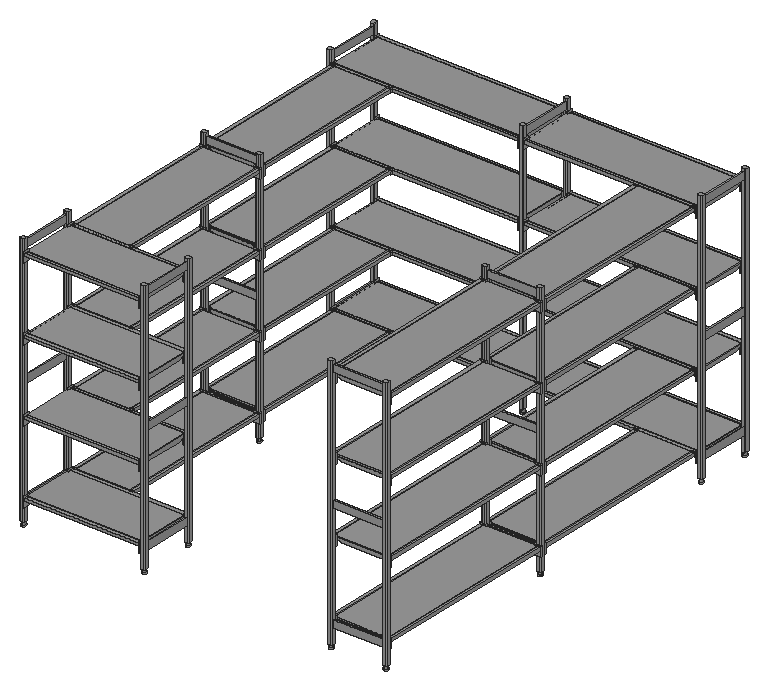
Revit family "QF_ZANUSSI_137104_CRS2428", category Attrezzature speciali, Revit 2020
Family settings
  Quota connettore circolare = Usa diametro
  Tipo di parte = Normale
  Basato su piano di lavoro = No
  Sempre verticale = Sì
  Taglio con vuoti quando caricato = No
  Condiviso = No
  Punto di calcolo locali = No
Parameters (values of type "Standard")
  Weight = 118.00 kg
  Watts = 0 W
  Volts = 0 V
  URL Manufacturer = "http://www.zanussiprofessional.com"
  URL = "http://www.zanussiprofessional.com"
  Steam Supply Size = 0 mm
  Steam Supply Minimum Pressure = 0.0 Pa
  Steam Supply Maximum Pressure = 0.0 Pa
  Steam Consumption per Hour = 0
  Refrigeration Suction Line Size = 0 mm
  Refrigeration Liquid Line Size = 0 mm
  Refrigerant Compressor Remote = yes
  Prospetto di default = 0 mm
  Produttore = "Zanussi"
  Phase = 0
  Modello = "CRS2428"
  Length Actual = 708 mm  # constant formula
  Item Number = "137104"
  Hot Water Size = 0 mm
  Height Actual = 1550 mm  # constant formula
  HP = "0 HP"
  Gas Size = 0 mm
  Gas KW = 0
  Gas Input Pressure = 0 W
  Direct Waste Size = 0 mm
  Descrizione = "ALUM.SHELV.,POLY.TIERS-COLDROOM 243X283"
  Depth Actual = 373 mm  # constant formula
  Cycle = 0 Hz
  Condensate Return Size = 0 mm
  Compressed Air Volume = 0.0 L/s
  Compressed Air Size = 0 mm
  Compressed Air Pressure = 0.0 Pa
  Cold Water Size = 0 mm
  Accessory = yes
Reference planes
  plane 1 "Center (Front/Back)": y = 0
  plane 2: z = 0
  plane 3 "Center (Left/Right)": x = 0
  plane 4: x = -1215
  plane 5: y = 1415
  plane 6: y = -1415
  plane 7: x = 1215
  plane 8: x = -1157
  plane 9: x = 1157
  plane 10: y = 1369
  plane 11: y = -1369
Forms (mm)
  Extrusion 1, solid, material "QF_Clearances", detail levels coarse
    sketch origin (0, 0, 0) x (1, 0, 0) y (0, 1, 0)
      loop
        line (-1215, -1415) -> (-345, -1415) -> (-345, -1369) -> (-1157, -1369) -> (-1157, 1369) -> (1157, 1369) -> (1157, -1380) -> (537, -1380) -> (537, -1415) -> (1215, -1415) -> (1215, 1415) -> (-1215, 1415) -> (-1215, -1415)
    from 0 to 1590
Lines and regions (mm)
  symbolic lines, style "QF_Clearances"
    curve 1: line (-1215, 1415, 0) -> (-1215, -1415, 0)
    curve 2: line (1215, 1415, 0) -> (-1215, 1415, 0)
    curve 3: line (1215, -1415, 0) -> (1215, 1415, 0)
Dimensions and locks
  equal spacing: plane 5, plane 1 "Center (Front/Back)", plane 6
  plane 5 to plane 6 = 2830 mm
  equal spacing: plane 4, plane 3 "Center (Left/Right)", plane 7
  plane 4 to plane 7 = 2430 mm
  plane 4 to plane 8 = 58 mm  (x2)
  plane 8 to plane 9 = 2314 mm
  plane 11 to plane 6 = 46 mm
  plane 10 to plane 11 = 2738 mm
  Extrusion 1 to nested 3 = 775.5 mm
  Extrusion 1 to plane 6 = 35 mm
  aligned and locked: level to plane 2
  aligned and locked: Extrusion 1 sketch curve to plane 4
  aligned and locked: Extrusion 1 sketch curve to plane 5
  aligned and locked: Extrusion 1 sketch curve to plane 7
  aligned and locked: Extrusion 1 sketch curve to plane 8
  aligned and locked: plane 10 to Extrusion 1 sketch curve
  aligned and locked: Extrusion 1 sketch curve to plane 9
  aligned and locked: Extrusion 1 sketch curve to plane 11
  aligned and locked: Extrusion 1 sketch curve to plane 6
Automatic sketch dimensions
  curve 1 to plane 4 = 0 mm
  curve 2 to plane 5 = 0 mm
  curve 2 to plane 7 = 0 mm
  curve 1 to plane 6 = 0 mm
  curve 3 to plane 6 = 0 mm
  Extrusion 1 sketch curve to plane 6 = 0 mm
  Extrusion 1 sketch curve to plane 11 = 11 mm
  Extrusion 1 sketch curve to plane 3 "Center (Left/Right)" = 345 mm
  plane 3 "Center (Left/Right)" to Extrusion 1 sketch curve = 537 mm
Nested families
  nested 1: "QF_1152" at (-518, 1346, 0), type "QF_1152"
  nested 2: "QF_1062" at (625, 1346, 0), type "QF_1062"
  nested 3: "QF_708" at (-736.5, -1019, 0), type "QF_708"
  nested 4: "QF_1152" at (773, -741, 0) x (0, 1, 0) z (0, 0, 1), type "QF_1152"
  nested 5: "QF_1152G" at (967.5, 357.5, 0), type "QF_1152G"
  nested 6: "QF_974G" at (-905.5, 535, 0), type "QF_974G"
  nested 7: "QF_974G" at (-905.5, -535, 0), type "QF_974G"
Definition of nested family "QF_1152"
  Parameters
    Default Elevation = 0 mm
    Model = "137015"
    Manufacturer = "Electrolux Professional"
    Description = ""
  Reference planes
    plane 1: z = 0
    plane 2 "Center (Left/Right)": x = -31
    plane 3 "LEFT": x = -639
    plane 4 "RIGHT": x = 577
    plane 5 "BACK": y = 23
    plane 6 "FRONT": y = -350
    plane 7 "TOP": z = 1700
    plane 8: x = 572
    plane 9: x = -607
    plane 10: x = 545
    plane 11 "Center (Front/Back)": y = -163.5
    plane 12: x = 540
    plane 13: y = -8.5
    plane 14: y = -318.5
    plane 15 "FEET": z = 25
    plane 16: z = 140
    plane 17: z = 590
    plane 18: z = 1040
    plane 19: z = 1490
    plane 20 "CXLeft": x = -625
    plane 21 "CXRight": x = 563
    plane 22: y = 5.5
    plane 23 "CYBack": y = 5.5
    plane 24 "CYFront": y = -332.5
  Forms (mm)
    Extrusion 1, solid
      sketch origin (-639, 0, 0) x (0, 1, 0) y (0, 0, 1)
        loop
          line (4, 1515.994) -> (4, 1497.998) -> (23, 1497.998) -> (23, 1515.994) -> (4, 1515.994)
        loop
          line (-331, 1515.994) -> (-350, 1515.994) -> (-350, 1497.998) -> (-331, 1497.998) -> (-331, 1515.994)
        loop
          line (4, 1065.994) -> (4, 1047.998) -> (23, 1047.998) -> (23, 1065.994) -> (4, 1065.994)
        loop
          line (-331, 1065.994) -> (-350, 1065.994) -> (-350, 1047.998) -> (-331, 1047.998) -> (-331, 1065.994)
        loop
          line (4, 615.994) -> (4, 597.998) -> (23, 597.998) -> (23, 615.994) -> (4, 615.994)
        loop
          line (-331, 615.994) -> (-350, 615.994) -> (-350, 597.998) -> (-331, 597.998) -> (-331, 615.994)
        loop
          line (4, 165.994) -> (4, 147.998) -> (23, 147.998) -> (23, 165.994) -> (4, 165.994)
        loop
          line (-331, 165.994) -> (-350, 165.994) -> (-350, 147.998) -> (-331, 147.998) -> (-331, 165.994)
      from 32 to 1184
    Extrusion 2, solid
      sketch origin (-639, 0, 135) x (0, 1, 0) y (0, 0, 1)
        loop
          line (2.007, 1380.994) -> (-329, 1380.994) -> (-329, 1374.496) -> (2.007, 1374.496) -> (2.007, 1380.994)
        loop
          line (2.007, 930.994) -> (-329, 930.994) -> (-329, 924.496) -> (2.007, 924.496) -> (2.007, 930.994)
        loop
          line (2.007, 480.994) -> (-329, 480.994) -> (-329, 474.496) -> (2.007, 474.496) -> (2.007, 480.994)
        loop
          line (2.007, 30.994) -> (-329, 30.994) -> (-329, 24.496) -> (2.007, 24.496) -> (2.007, 30.994)
      from 32 to 1184
    Extrusion 3, solid
      sketch origin (577, 0, 135) x (0, 1, 0) y (0, 0, 1)
        loop
          line (-12, 1362.998) -> (4, 1362.998) -> (4, 1380.994) -> (2.007, 1380.994) -> (2.007, 1374.496) -> (-329, 1374.496) -> (-329, 1380.994) -> (-331, 1380.994) -> (-331, 1362.998) -> (-315, 1362.998) -> (-281, 1350.994) -> (-46, 1350.994) -> (-12, 1362.998)
        loop
          line (-12, 912.998) -> (4, 912.998) -> (4, 930.994) -> (2.007, 930.994) -> (2.007, 924.496) -> (-329, 924.496) -> (-329, 930.994) -> (-331, 930.994) -> (-331, 912.998) -> (-315, 912.998) -> (-281, 900.994) -> (-46, 900.994) -> (-12, 912.998)
        loop
          line (-12, 462.998) -> (4, 462.998) -> (4, 480.994) -> (2.007, 480.994) -> (2.007, 474.496) -> (-329, 474.496) -> (-329, 480.994) -> (-331, 480.994) -> (-331, 462.998) -> (-315, 462.998) -> (-281, 450.994) -> (-46, 450.994) -> (-12, 462.998)
        loop
          line (-12, 12.998) -> (4, 12.998) -> (4, 30.994) -> (2.007, 30.994) -> (2.007, 24.496) -> (-329, 24.496) -> (-329, 30.994) -> (-331, 30.994) -> (-331, 12.998) -> (-315, 12.998) -> (-281, 0.994) -> (-46, 0.994) -> (-12, 12.998)
      from -32 to -37
  Lines and regions (mm)
    symbolic lines
      curve 1: line (545, 4, 1700) -> (-607, 4, 1700)
      curve 2: line (-611, 23, 1700) -> (549, 23, 1700)
      curve 3: line (549, 13.246, 1700) -> (555.254, 19.5, 1700)
      curve 4: line (555.254, -8.5, 1700) -> (549, -2.246, 1700)
      curve 5: line (555.254, -318.5, 1700) -> (549, -324.754, 1700)
      curve 6: line (-611, -350, 1700) -> (549, -350, 1700)
      curve 7: line (549, 23, 1700) -> (549, -12.993, 1700)
      curve 8: line (549, -12.993, 1700) -> (545, -12.993, 1700)
      curve 9: line (549, -350, 1700) -> (549, -314.007, 1700)
      curve 10: line (549, -314.007, 1700) -> (545, -314.007, 1700)
      curve 11: line (-607, -12.993, 1700) -> (-607, -314.007, 1700)
      curve 12: line (-607, -331, 1700) -> (545, -331, 1700)
      curve 13: line (545, -12.993, 1700) -> (545, -314.007, 1700)
  Dimensions and locks
    locked: plane 3 "LEFT" to plane 4 "RIGHT" at 1216
    equal spacing: plane 3 "LEFT", plane 2 "Center (Left/Right)", plane 4 "RIGHT"
    locked: plane 7 "TOP" to level at 1700
    locked: plane 5 "BACK" to plane 6 "FRONT" at 373
    locked: plane 4 "RIGHT" to plane 8 at 5
    locked: plane 9 to plane 10 at 1152
    locked: plane 3 "LEFT" to plane 9 at 32
    plane 12 to plane 10 = 5 mm
    locked: plane 13 to plane 14 at 310
    equal spacing: plane 13, plane 11 "Center (Front/Back)", plane 14
    equal spacing: plane 5 "BACK", plane 11 "Center (Front/Back)", plane 6 "FRONT"
    plane 15 "FEET" to level = 25 mm
    plane 7 "TOP" to plane 15 "FEET" = 1675 mm
    plane 17 to plane 16 = 450 mm
    plane 18 to plane 17 = 450 mm
    plane 19 to plane 18 = 450 mm
    locked: plane 3 "LEFT" to plane 20 "CXLeft" at 14
    locked: plane 21 "CXRight" to plane 4 "RIGHT" at 14
    locked: plane 5 "BACK" to plane 23 "CYBack" at 17.5
    locked: plane 24 "CYFront" to plane 6 "FRONT" at 17.5
    plane 16 to level = 140 mm
    plane 17 to level = 590 mm
    plane 18 to level = 1040 mm
    plane 19 to level = 1490 mm
    aligned and locked: level to plane 1
    aligned and locked: plane 9 to Extrusion 2
    aligned and locked: Extrusion 2 to plane 10
    aligned and locked: plane 9 to Extrusion 1
    aligned and locked: Extrusion 1 to plane 10
    aligned and locked: Extrusion 1 sketch curve to Extrusion 1 sketch curve  (x2)
    aligned and locked: Extrusion 3 sketch curve to Extrusion 3 sketch curve  (x3)
    aligned and locked: Extrusion 3 to plane 12
    aligned and locked: Extrusion 3 to plane 10
    aligned and locked: plane 20 "CXLeft" to nested 1
    aligned and locked: plane 21 "CXRight" to nested 2
  Automatic sketch dimensions
    Extrusion 1 sketch curve to plane 6 "FRONT" = 0 mm  (x4)
    Extrusion 1 sketch curve to plane 5 "BACK" = 0 mm  (x4)
    plane 24 "CYFront" to Extrusion 1 sketch curve = 1.5 mm  (x2)
    plane 22 to Extrusion 1 sketch curve = 1.5 mm  (x4)
    plane 16 to Extrusion 1 sketch curve = 7.998 mm  (x2)
    Extrusion 1 sketch curve to Extrusion 1 sketch curve = 17.997 mm  (x8)
    plane 17 to Extrusion 1 sketch curve = 7.998 mm  (x2)
    plane 18 to Extrusion 1 sketch curve = 7.998 mm  (x2)
    plane 19 to Extrusion 1 sketch curve = 7.998 mm  (x2)
    plane 24 "CYFront" to Extrusion 2 sketch curve = 3.5 mm  (x4)
    plane 22 to Extrusion 2 sketch curve = 3.493 mm  (x4)
    plane 16 to Extrusion 2 sketch curve = 19.496 mm
    Extrusion 2 sketch curve to Extrusion 2 sketch curve = 6.499 mm  (x4)
    plane 17 to Extrusion 2 sketch curve = 19.496 mm
    plane 18 to Extrusion 2 sketch curve = 19.496 mm
    plane 19 to Extrusion 2 sketch curve = 19.496 mm
    plane 24 "CYFront" to Extrusion 3 sketch curve = 1.5 mm  (x4)
    Extrusion 3 sketch curve to Extrusion 3 sketch curve = 2 mm
    plane 14 to Extrusion 3 sketch curve = 3.5 mm  (x4)
    Extrusion 3 sketch curve to plane 16 = 4.006 mm
    Extrusion 3 sketch curve to Extrusion 3 sketch curve = 34 mm  (x4)
    Extrusion 3 sketch curve to plane 17 = 4.006 mm
    Extrusion 3 sketch curve to plane 18 = 4.006 mm
    Extrusion 3 sketch curve to plane 19 = 4.006 mm
    Extrusion 3 sketch curve to plane 13 = 37.5 mm  (x4)
    Extrusion 3 sketch curve to plane 13 = 3.5 mm  (x4)
    plane 22 to Extrusion 3 sketch curve = 3.493 mm  (x4)
    plane 22 to Extrusion 3 sketch curve = 1.5 mm  (x4)
    plane 16 to Extrusion 3 sketch curve = 7.998 mm  (x2)
    Extrusion 3 sketch curve to Extrusion 3 sketch curve = 11.498 mm  (x4)
    Extrusion 3 sketch curve to Extrusion 3 sketch curve = 6.499 mm  (x8)
    plane 17 to Extrusion 3 sketch curve = 7.998 mm  (x2)
    plane 18 to Extrusion 3 sketch curve = 7.998 mm  (x2)
    plane 19 to Extrusion 3 sketch curve = 7.998 mm  (x2)
    curve 6 to plane 6 "FRONT" = 0 mm
    curve 12 to plane 9 = 0 mm
    curve 12 to plane 10 = 0 mm
    curve 5 to plane 14 = 0 mm
    curve 11 to plane 9 = 0 mm
    curve 8 to plane 10 = 0 mm
    curve 4 to plane 13 = 0 mm
    curve 1 to plane 9 = 0 mm
    curve 1 to plane 10 = 0 mm
    curve 2 to plane 5 "BACK" = 0 mm
    plane 14 to curve 10 = 4.493 mm
    curve 7 to plane 13 = 4.493 mm
    curve 10 to plane 10 = 4 mm
    curve 7 to plane 10 = 4 mm
    plane 24 "CYFront" to curve 12 = 1.5 mm
    curve 5 to plane 14 = 6.254 mm
    plane 14 to curve 11 = 4.493 mm
    curve 11 to plane 13 = 4.493 mm
    plane 13 to curve 4 = 6.254 mm
    plane 22 to curve 1 = 1.5 mm
    curve 3 to plane 22 = 7.746 mm
    curve 3 to plane 5 "BACK" = 3.5 mm
    curve 5 to curve 9 = 6.254 mm
    curve 3 to curve 2 = 6.254 mm
    curve 4 to curve 7 = 6.254 mm
    plane 9 to curve 2 = 4 mm
    plane 9 to curve 6 = 4 mm
  Nested families
    nested 1: "WT_Anta373B" at (-222, 0, 0), type "WT_Anta373B"
    nested 2: "WT_Anta373B" at (160, 0, 0) x (-1, 0, 0) z (0, 0, 1), type "WT_Anta373B"
  Definition of nested family "WT_Anta373B"
    Parameters
      WidthLeft = A + 64 mm  # 772 mm
      Width = 1606 mm
      Right = WidthLeft / 2  # 386 mm
      Default Elevation = 0 mm
      Left = -WidthLeft / 2  # -386 mm
      Height = 1590 mm
      FEET = 25 mm
      E = 0 mm
      Dint = Depth - 63 mm  # 310 mm
      Dext = Depth - 8 mm  # 365 mm
      Depth = 373 mm
      DX = (WidthLeft - A) / 2  # 32 mm
      B = 798 mm
      A = 708 mm
    Reference planes
      plane 1: z = 0
      plane 2 "LEFT": x = -417
      plane 3 "BACK": y = 23
      plane 4 "FRONT": y = -350
      plane 5 "TOP": z = 1590
      plane 6 "Center (Front/Back)": y = -163.5
      plane 7: y = -8.5
      plane 8: y = -318.5
      plane 9 "FEET": z = 25
      plane 10: z = 140
      plane 11: z = 590
      plane 12: z = 1040
      plane 13: z = 1490
      plane 14 "CXLeft": x = -403
      plane 15: y = 5.5
      plane 16 "CYBack": y = 5.5
      plane 17 "CYFront": y = -332.5
      plane 18: x = -385.031
      plane 19: x = -380.031
    Forms (mm)
      Extrusion 1, solid
        sketch origin (0, 0, 0) x (1, 0, 0) y (0, 1, 0)
          loop
            line (-417, 13.246) -> (-417, -2.246) -> (-410.746, -8.5) -> (-395.254, -8.5) -> (-389, -2.246) -> (-389, 13.246) -> (-395.254, 19.5) -> (-410.746, 19.5) -> (-417, 13.246)
        from 1590 to 25
      Extrusion 2, solid
        sketch origin (-417, 0, 0) x (0, 1, 0) y (0, 0, 1)
          loop
            line (23, 111.005) -> (23, 172.993) -> (-12.993, 172.993) -> (-12.993, 111.005) -> (23, 111.005)
          loop
            line (-350, 111.005) -> (-314.007, 111.005) -> (-314.007, 172.993) -> (-350, 172.993) -> (-350, 111.005)
          loop
            line (23, 561.005) -> (23, 622.993) -> (-12.993, 622.993) -> (-12.993, 561.005) -> (23, 561.005)
          loop
            line (-350, 561.005) -> (-314.007, 561.005) -> (-314.007, 622.993) -> (-350, 622.993) -> (-350, 561.005)
          loop
            line (23, 1011.005) -> (23, 1072.993) -> (-12.993, 1072.993) -> (-12.993, 1011.005) -> (23, 1011.005)
          loop
            line (-350, 1011.005) -> (-314.007, 1011.005) -> (-314.007, 1072.993) -> (-350, 1072.993) -> (-350, 1011.005)
          loop
            line (23, 1461.005) -> (23, 1522.993) -> (-12.993, 1522.993) -> (-12.993, 1461.005) -> (23, 1461.005)
          loop
            line (-350, 1461.005) -> (-314.007, 1461.005) -> (-314.007, 1522.993) -> (-350, 1522.993) -> (-350, 1461.005)
        from 28 to 32
      Revolve 3, solid
        sketch origin (-403, 0, 0) x (0, 1, 0) y (0, 0, 1)
          loop
            line (5.5, 25) -> (5.5, 0) -> (19, 0) -> (19, 5) -> (14, 5) -> (14, 25) -> (5.5, 25)
          axis (5.5, 25) -> (5.5, 0)
        angle from 0 to 360
      Extrusion 4, solid
        sketch origin (-403, 0, 0) x (0, 1, 0) y (0, 0, 1)
          loop
            line (-8.5, 777.382) -> (-8.5, 822.374) -> (-318.5, 822.374) -> (-318.5, 777.382) -> (-8.5, 777.382)
          loop
            line (-8.5, 1527.244) -> (-8.5, 1572.236) -> (-318.5, 1572.236) -> (-318.5, 1527.244) -> (-8.5, 1527.244)
        from -5 to 5
      Revolve 5, solid
        sketch origin (-403, -627, 0) x (0, -1, 0) y (0, 0, 1)
          loop
            line (-294.5, 25) -> (-294.5, 0) -> (-281, 0) -> (-281, 5) -> (-286, 5) -> (-286, 25) -> (-294.5, 25)
          axis (-294.5, 25) -> (-294.5, 0)
        angle from 0 to 360
      Extrusion 6, solid
        sketch origin (0, -627, 0) x (1, 0, 0) y (0, 1, 0)
          loop
            line (-417, 286.754) -> (-410.746, 280.5) -> (-395.254, 280.5) -> (-389, 286.754) -> (-389, 302.246) -> (-395.254, 308.5) -> (-410.746, 308.5) -> (-417, 302.246) -> (-417, 286.754)
        from 1590 to 25
      Extrusion 7, solid
        sketch origin (-417.031, -0.022, 0) x (0, 1, 0) y (0, 0, -1)
          loop
            line (-12, -1497.998) -> (-46, -1485.994) -> (-281, -1485.994) -> (-315, -1497.998) -> (-331, -1497.998) -> (-331, -1515.994) -> (-329, -1515.994) -> (-329, -1509.496) -> (2.007, -1509.496) -> (2.007, -1515.994) -> (4, -1515.994) -> (4, -1497.998) -> (-12, -1497.998)
          loop
            line (-12, -1047.998) -> (-46, -1035.994) -> (-281, -1035.994) -> (-315, -1047.998) -> (-331, -1047.998) -> (-331, -1065.994) -> (-329, -1065.994) -> (-329, -1059.496) -> (2.007, -1059.496) -> (2.007, -1065.994) -> (4, -1065.994) -> (4, -1047.998) -> (-12, -1047.998)
          loop
            line (-12, -597.998) -> (-46, -585.994) -> (-281, -585.994) -> (-315, -597.998) -> (-331, -597.998) -> (-331, -615.994) -> (-329, -615.994) -> (-329, -609.496) -> (2.007, -609.496) -> (2.007, -615.994) -> (4, -615.994) -> (4, -597.998) -> (-12, -597.998)
          loop
            line (-12, -147.998) -> (-46, -135.994) -> (-281, -135.994) -> (-315, -147.998) -> (-331, -147.998) -> (-331, -165.994) -> (-329, -165.994) -> (-329, -159.496) -> (2.007, -159.496) -> (2.007, -165.994) -> (4, -165.994) -> (4, -147.998) -> (-12, -147.998)
        from -32 to -37
      Extrusion 8, solid
        sketch origin (-403, 0, -659.878) x (0, 1, 0) y (0, 0, 1)
          loop
            line (-8.5, 777.382) -> (-8.5, 822.374) -> (-318.5, 822.374) -> (-318.5, 777.382) -> (-8.5, 777.382)
          loop
            line (-8.5, 1437.382) -> (-8.5, 1482.374) -> (-318.5, 1482.374) -> (-318.5, 1437.382) -> (-8.5, 1437.382)
          loop
            line (-8.5, 2187.382) -> (-8.5, 2232.374) -> (-318.5, 2232.374) -> (-318.5, 2187.382) -> (-8.5, 2187.382)
        from -5 to 5
    Lines and regions (mm)
      symbolic lines
        curve 1: line (-408, -8.5, 1590) -> (-408, -318.5, 1590)
        curve 2: line (-398, -318.5, 1590) -> (-398, -8.5, 1590)
        curve 3: line (-395.254, -8.5, 1590) -> (-410.746, -8.5, 1590)
        curve 4: line (-417, -2.246, 1590) -> (-410.746, -8.5, 1590)
        curve 5: line (-417, 13.246, 1590) -> (-417, -2.246, 1590)
        curve 6: line (-410.746, 19.5, 1590) -> (-417, 13.246, 1590)
        curve 7: line (-395.254, 19.5, 1590) -> (-410.746, 19.5, 1590)
        curve 8: line (-389, 13.246, 1590) -> (-395.254, 19.5, 1590)
        curve 9: line (-395.254, -8.5, 1590) -> (-389, -2.246, 1590)
        curve 10: line (-395.254, -318.5, 1590) -> (-410.746, -318.5, 1590)
        curve 11: line (-417, -324.754, 1590) -> (-410.746, -318.5, 1590)
        curve 12: line (-410.746, -346.5, 1590) -> (-417, -340.246, 1590)
        curve 13: line (-395.254, -346.5, 1590) -> (-410.746, -346.5, 1590)
        curve 14: line (-389, -340.246, 1590) -> (-395.254, -346.5, 1590)
        curve 15: line (-395.254, -318.5, 1590) -> (-389, -324.754, 1590)
        curve 16: line (-389, -350, 1590) -> (-389, -314.007, 1590)
        curve 17: line (-389, -314.007, 1590) -> (-385, -314.007, 1590)
        curve 18: line (-389, 23, 1590) -> (-389, -12.993, 1590)
        curve 19: line (-389, -12.993, 1590) -> (-385, -12.993, 1590)
        curve 20: line (-417, -324.754, 1590) -> (-417, -340.246, 1590)
        curve 21: line (-385, -350, 1590) -> (-385, -314.007, 1590)
        curve 22: line (-385, -350, 1590) -> (-389, -350, 1590)
        curve 23: line (-385, 23, 1590) -> (-389, 23, 1590)
        curve 24: line (-385, -12.993, 1590) -> (-385, 23, 1590)
        curve 25: line (-385.031, -13.016, 1725) -> (-385.031, -314.029, 1725)
    Dimensions and locks
      "Depth": plane 3 "BACK" to plane 4 "FRONT"
      "Dint": plane 7 to plane 8
      equal spacing: plane 7, plane 6 "Center (Front/Back)", plane 8
      equal spacing: plane 3 "BACK", plane 6 "Center (Front/Back)", plane 4 "FRONT"
      plane 9 "FEET" to level = 25 mm
      plane 10 to plane 9 "FEET" = 115 mm
      plane 11 to plane 10 = 450 mm
      plane 12 to plane 11 = 450 mm
      plane 13 to plane 12 = 450 mm
      locked: plane 2 "LEFT" to plane 14 "CXLeft" at 14
      locked: plane 3 "BACK" to plane 16 "CYBack" at 17.5
      locked: plane 17 "CYFront" to plane 4 "FRONT" at 17.5
      locked: Revolve 3 sketch curve to Revolve 3 sketch curve at 8.5
      locked: Revolve 3 sketch curve to plane 16 "CYBack" at 13.5
      locked: Revolve 5 sketch curve to Revolve 5 sketch curve at 8.5
      plane 10 to level = 140 mm
      plane 11 to level = 590 mm
      plane 12 to level = 1040 mm
      plane 13 to level = 1490 mm
      "Height": plane 5 "TOP" to level
      aligned and locked: level to plane 1
      aligned and locked: curve 20 to Extrusion 6
      aligned and locked: plane 5 "TOP" to Extrusion 1
      aligned and locked: plane 5 "TOP" to Extrusion 6
      aligned and locked: Extrusion 7 sketch curve to Extrusion 7 sketch curve  (x3)
    Automatic sketch dimensions
      curve 16 to plane 4 "FRONT" = 0 mm
      curve 11 to plane 8 = 0 mm
      curve 9 to plane 7 = 0 mm
      curve 5 to plane 2 "LEFT" = 0 mm
      curve 23 to plane 3 "BACK" = 0 mm
      plane 4 "FRONT" to curve 13 = 3.5 mm
      curve 20 to plane 17 "CYFront" = 7.746 mm
      curve 20 to plane 8 = 6.254 mm
      plane 8 to curve 16 = 4.493 mm
      curve 24 to plane 18 = 0.031 mm
      curve 24 to plane 7 = 4.493 mm
      plane 7 to curve 5 = 6.254 mm
      curve 5 to plane 15 = 7.746 mm
      curve 6 to plane 3 "BACK" = 3.5 mm
      curve 21 to plane 18 = 0.031 mm
      plane 18 to curve 23 = 3.969 mm
      plane 18 to curve 16 = 3.969 mm
      curve 18 to curve 8 = 6.254 mm
      curve 18 to curve 3 = 6.254 mm
      curve 16 to curve 13 = 6.254 mm
      curve 16 to curve 15 = 6.254 mm
      plane 2 "LEFT" to curve 10 = 6.254 mm
      plane 2 "LEFT" to curve 7 = 6.254 mm
      plane 2 "LEFT" to curve 12 = 6.254 mm
      plane 2 "LEFT" to curve 3 = 6.254 mm
      curve 14 to plane 17 "CYFront" = 7.746 mm
      curve 15 to plane 8 = 6.254 mm
      plane 7 to curve 9 = 6.254 mm
      curve 8 to plane 15 = 7.746 mm
      curve 3 to curve 2 = 2.746 mm
      curve 1 to curve 10 = 2.746 mm
      Extrusion 1 sketch curve to plane 2 "LEFT" = 0 mm
      Extrusion 1 sketch curve to plane 7 = 0 mm
      plane 2 "LEFT" to Extrusion 1 sketch curve = 6.254 mm  (x2)
      plane 14 "CXLeft" to Extrusion 1 sketch curve = 7.746 mm  (x2)
      Extrusion 1 sketch curve to plane 3 "BACK" = 3.5 mm
      plane 18 to Extrusion 1 sketch curve = 3.969 mm
      plane 7 to Extrusion 1 sketch curve = 6.254 mm  (x2)
      Extrusion 1 sketch curve to plane 15 = 7.746 mm  (x2)
      Extrusion 2 sketch curve to plane 4 "FRONT" = 0 mm  (x4)
      Extrusion 2 sketch curve to plane 3 "BACK" = 0 mm  (x4)
      plane 8 to Extrusion 2 sketch curve = 4.493 mm  (x4)
      Extrusion 2 sketch curve to plane 7 = 4.493 mm  (x4)
      Extrusion 2 sketch curve to plane 10 = 28.995 mm  (x2)
      plane 10 to Extrusion 2 sketch curve = 32.993 mm  (x2)
      Extrusion 2 sketch curve to plane 11 = 28.995 mm  (x2)
      plane 11 to Extrusion 2 sketch curve = 32.993 mm  (x2)
      Extrusion 2 sketch curve to plane 12 = 28.995 mm  (x2)
      plane 12 to Extrusion 2 sketch curve = 32.993 mm  (x2)
      Extrusion 2 sketch curve to plane 13 = 28.995 mm  (x2)
      plane 13 to Extrusion 2 sketch curve = 32.993 mm  (x2)
      Revolve 3 sketch curve to plane 9 "FEET" = 0 mm  (x2)
      Revolve 3 sketch curve to plane 15 = 0 mm  (x2)
      Revolve 3 sketch curve to level = 0 mm
      level to Revolve 3 sketch curve = 5 mm
      Revolve 3 sketch curve to Revolve 3 sketch curve = 11.655 mm
      Extrusion 4 sketch curve to plane 8 = 0 mm  (x2)
      Extrusion 4 sketch curve to plane 7 = 0 mm  (x2)
      plane 11 to Extrusion 4 sketch curve = 187.382 mm
      Extrusion 4 sketch curve to Extrusion 4 sketch curve = 44.992 mm
      plane 13 to Extrusion 4 sketch curve = 37.244 mm
      Extrusion 4 sketch curve to plane 5 "TOP" = 17.764 mm
      Revolve 5 sketch curve to plane 9 "FEET" = 0 mm  (x2)
      Revolve 5 sketch curve to plane 17 "CYFront" = 0 mm  (x2)
      Revolve 5 sketch curve to level = 0 mm
      Revolve 5 sketch curve to plane 4 "FRONT" = 4 mm
      Revolve 5 sketch curve to Revolve 5 sketch curve = 5 mm
      level to Revolve 5 sketch curve = 11.655 mm
      Extrusion 6 sketch curve to plane 2 "LEFT" = 0 mm
      Extrusion 6 sketch curve to plane 8 = 0 mm
      Extrusion 6 sketch curve to plane 2 "LEFT" = 6.254 mm  (x2)
      Extrusion 6 sketch curve to plane 14 "CXLeft" = 7.746 mm  (x2)
      Extrusion 6 sketch curve to plane 4 "FRONT" = 3.5 mm
      Extrusion 6 sketch curve to plane 18 = 3.969 mm
      plane 8 to Extrusion 6 sketch curve = 6.254 mm  (x2)
      plane 17 "CYFront" to Extrusion 6 sketch curve = 7.746 mm  (x2)
      plane 17 "CYFront" to Extrusion 7 sketch curve = 1.478 mm  (x4)
      Extrusion 7 sketch curve to Extrusion 7 sketch curve = 2 mm
      plane 8 to Extrusion 7 sketch curve = 3.478 mm  (x4)
      Extrusion 7 sketch curve to plane 10 = 4.006 mm
      Extrusion 7 sketch curve to Extrusion 7 sketch curve = 34 mm  (x4)
      Extrusion 7 sketch curve to plane 11 = 4.006 mm
      Extrusion 7 sketch curve to plane 12 = 4.006 mm
      Extrusion 7 sketch curve to plane 13 = 4.006 mm
      Extrusion 7 sketch curve to plane 7 = 37.522 mm  (x4)
      Extrusion 7 sketch curve to plane 7 = 3.522 mm  (x4)
      plane 15 to Extrusion 7 sketch curve = 3.516 mm  (x4)
      plane 15 to Extrusion 7 sketch curve = 1.522 mm  (x4)
      plane 13 to Extrusion 7 sketch curve = 7.998 mm  (x2)
      Extrusion 7 sketch curve to Extrusion 7 sketch curve = 11.498 mm
      Extrusion 7 sketch curve to Extrusion 7 sketch curve = 6.499 mm  (x5)
      plane 12 to Extrusion 7 sketch curve = 25.994 mm  (x2)
      plane 12 to Extrusion 7 sketch curve = 7.998 mm  (x2)
      plane 11 to Extrusion 7 sketch curve = 25.994 mm  (x2)
      plane 11 to Extrusion 7 sketch curve = 7.998 mm  (x2)
      plane 10 to Extrusion 7 sketch curve = 25.994 mm  (x2)
      plane 10 to Extrusion 7 sketch curve = 7.998 mm  (x2)
      curve 25 to plane 18 = 0 mm
      plane 8 to curve 25 = 4.471 mm
      curve 25 to plane 7 = 4.516 mm
      Extrusion 8 sketch curve to plane 8 = 0 mm  (x3)
      Extrusion 8 sketch curve to plane 7 = 0 mm  (x3)
      Extrusion 8 sketch curve to plane 10 = 22.496 mm
      plane 10 to Extrusion 8 sketch curve = 22.496 mm
      plane 11 to Extrusion 8 sketch curve = 187.504 mm
      Extrusion 8 sketch curve to Extrusion 8 sketch curve = 44.992 mm
      plane 13 to Extrusion 8 sketch curve = 37.504 mm
      Extrusion 8 sketch curve to plane 5 "TOP" = 17.504 mm
Definition of nested family "QF_1062"
  Parameters
    Default Elevation = 0 mm
    Model = "137014"
    Manufacturer = "Electrolux Professional"
    Description = ""
  Reference planes
    plane 1: z = 0
    plane 2 "Center (Left/Right)": x = -31
    plane 3 "LEFT": x = -594
    plane 4 "RIGHT": x = 532
    plane 5 "BACK": y = 23
    plane 6 "FRONT": y = -350
    plane 7 "TOP": z = 1700
    plane 8: x = 527
    plane 9: x = -562
    plane 10: x = 500
    plane 11 "Center (Front/Back)": y = -163.5
    plane 12: x = 495
    plane 13: y = -8.5
    plane 14: y = -318.5
    plane 15 "FEET": z = 25
    plane 16: z = 140
    plane 17: z = 590
    plane 18: z = 1040
    plane 19: z = 1490
    plane 20 "CXLeft": x = -580
    plane 21 "CXRight": x = 518
    plane 22: y = 5.5
    plane 23 "CYBack": y = 5.5
    plane 24 "CYFront": y = -332.5
  Forms (mm)
    Extrusion 1, solid
      sketch origin (-594, 0, 0) x (0, 1, 0) y (0, 0, 1)
        loop
          line (4, 1515.994) -> (4, 1497.998) -> (23, 1497.998) -> (23, 1515.994) -> (4, 1515.994)
        loop
          line (-331, 1515.994) -> (-350, 1515.994) -> (-350, 1497.998) -> (-331, 1497.998) -> (-331, 1515.994)
        loop
          line (4, 1065.994) -> (4, 1047.998) -> (23, 1047.998) -> (23, 1065.994) -> (4, 1065.994)
        loop
          line (-331, 1065.994) -> (-350, 1065.994) -> (-350, 1047.998) -> (-331, 1047.998) -> (-331, 1065.994)
        loop
          line (4, 615.994) -> (4, 597.998) -> (23, 597.998) -> (23, 615.994) -> (4, 615.994)
        loop
          line (-331, 615.994) -> (-350, 615.994) -> (-350, 597.998) -> (-331, 597.998) -> (-331, 615.994)
        loop
          line (4, 165.994) -> (4, 147.998) -> (23, 147.998) -> (23, 165.994) -> (4, 165.994)
        loop
          line (-331, 165.994) -> (-350, 165.994) -> (-350, 147.998) -> (-331, 147.998) -> (-331, 165.994)
      from 32 to 1094
    Extrusion 2, solid
      sketch origin (-594, 0, 135) x (0, 1, 0) y (0, 0, 1)
        loop
          line (2.007, 1380.994) -> (-329, 1380.994) -> (-329, 1374.496) -> (2.007, 1374.496) -> (2.007, 1380.994)
        loop
          line (2.007, 930.994) -> (-329, 930.994) -> (-329, 924.496) -> (2.007, 924.496) -> (2.007, 930.994)
        loop
          line (2.007, 480.994) -> (-329, 480.994) -> (-329, 474.496) -> (2.007, 474.496) -> (2.007, 480.994)
        loop
          line (2.007, 30.994) -> (-329, 30.994) -> (-329, 24.496) -> (2.007, 24.496) -> (2.007, 30.994)
      from 32 to 1094
    Extrusion 3, solid
      sketch origin (532, 0, 135) x (0, 1, 0) y (0, 0, 1)
        loop
          line (-12, 1362.998) -> (4, 1362.998) -> (4, 1380.994) -> (2.007, 1380.994) -> (2.007, 1374.496) -> (-329, 1374.496) -> (-329, 1380.994) -> (-331, 1380.994) -> (-331, 1362.998) -> (-315, 1362.998) -> (-281, 1350.994) -> (-46, 1350.994) -> (-12, 1362.998)
        loop
          line (-12, 912.998) -> (4, 912.998) -> (4, 930.994) -> (2.007, 930.994) -> (2.007, 924.496) -> (-329, 924.496) -> (-329, 930.994) -> (-331, 930.994) -> (-331, 912.998) -> (-315, 912.998) -> (-281, 900.994) -> (-46, 900.994) -> (-12, 912.998)
        loop
          line (-12, 462.998) -> (4, 462.998) -> (4, 480.994) -> (2.007, 480.994) -> (2.007, 474.496) -> (-329, 474.496) -> (-329, 480.994) -> (-331, 480.994) -> (-331, 462.998) -> (-315, 462.998) -> (-281, 450.994) -> (-46, 450.994) -> (-12, 462.998)
        loop
          line (-12, 12.998) -> (4, 12.998) -> (4, 30.994) -> (2.007, 30.994) -> (2.007, 24.496) -> (-329, 24.496) -> (-329, 30.994) -> (-331, 30.994) -> (-331, 12.998) -> (-315, 12.998) -> (-281, 0.994) -> (-46, 0.994) -> (-12, 12.998)
      from -32 to -37
  Lines and regions (mm)
    symbolic lines
      curve 1: line (500, 4, 1700) -> (-562, 4, 1700)
      curve 2: line (-566, 23, 1700) -> (504, 23, 1700)
      curve 3: line (504, 13.246, 1700) -> (510.254, 19.5, 1700)
      curve 4: line (510.254, -8.5, 1700) -> (504, -2.246, 1700)
      curve 5: line (510.254, -318.5, 1700) -> (504, -324.754, 1700)
      curve 6: line (-566, -350, 1700) -> (504, -350, 1700)
      curve 7: line (504, 23, 1700) -> (504, -12.993, 1700)
      curve 8: line (504, -12.993, 1700) -> (500, -12.993, 1700)
      curve 9: line (504, -350, 1700) -> (504, -314.007, 1700)
      curve 10: line (504, -314.007, 1700) -> (500, -314.007, 1700)
      curve 11: line (-562, -12.993, 1700) -> (-562, -314.007, 1700)
      curve 12: line (-562, -331, 1700) -> (500, -331, 1700)
      curve 13: line (500, -12.993, 1700) -> (500, -314.007, 1700)
  Dimensions and locks
    locked: plane 3 "LEFT" to plane 4 "RIGHT" at 1126
    equal spacing: plane 3 "LEFT", plane 2 "Center (Left/Right)", plane 4 "RIGHT"
    locked: plane 7 "TOP" to level at 1700
    locked: plane 5 "BACK" to plane 6 "FRONT" at 373
    locked: plane 4 "RIGHT" to plane 8 at 5
    locked: plane 9 to plane 10 at 1062
    locked: plane 3 "LEFT" to plane 9 at 32
    plane 12 to plane 10 = 5 mm
    locked: plane 13 to plane 14 at 310
    equal spacing: plane 13, plane 11 "Center (Front/Back)", plane 14
    equal spacing: plane 5 "BACK", plane 11 "Center (Front/Back)", plane 6 "FRONT"
    plane 15 "FEET" to level = 25 mm
    plane 7 "TOP" to plane 15 "FEET" = 1675 mm
    plane 17 to plane 16 = 450 mm
    plane 18 to plane 17 = 450 mm
    plane 19 to plane 18 = 450 mm
    locked: plane 3 "LEFT" to plane 20 "CXLeft" at 14
    locked: plane 21 "CXRight" to plane 4 "RIGHT" at 14
    locked: plane 5 "BACK" to plane 23 "CYBack" at 17.5
    locked: plane 24 "CYFront" to plane 6 "FRONT" at 17.5
    plane 16 to level = 140 mm
    plane 17 to level = 590 mm
    plane 18 to level = 1040 mm
    plane 19 to level = 1490 mm
    aligned and locked: level to plane 1
    aligned and locked: plane 9 to Extrusion 2
    aligned and locked: Extrusion 2 to plane 10
    aligned and locked: plane 9 to Extrusion 1
    aligned and locked: Extrusion 1 to plane 10
    aligned and locked: Extrusion 1 sketch curve to Extrusion 1 sketch curve  (x2)
    aligned and locked: Extrusion 3 sketch curve to Extrusion 3 sketch curve  (x3)
    aligned and locked: Extrusion 3 to plane 12
    aligned and locked: Extrusion 3 to plane 10
    aligned and locked: plane 20 "CXLeft" to nested 1
    aligned and locked: plane 21 "CXRight" to nested 2
  Automatic sketch dimensions
    Extrusion 1 sketch curve to plane 6 "FRONT" = 0 mm  (x4)
    Extrusion 1 sketch curve to plane 5 "BACK" = 0 mm  (x4)
    plane 24 "CYFront" to Extrusion 1 sketch curve = 1.5 mm  (x2)
    plane 22 to Extrusion 1 sketch curve = 1.5 mm  (x4)
    plane 16 to Extrusion 1 sketch curve = 7.998 mm  (x2)
    Extrusion 1 sketch curve to Extrusion 1 sketch curve = 17.997 mm  (x8)
    plane 17 to Extrusion 1 sketch curve = 7.998 mm  (x2)
    plane 18 to Extrusion 1 sketch curve = 7.998 mm  (x2)
    plane 19 to Extrusion 1 sketch curve = 7.998 mm  (x2)
    plane 24 "CYFront" to Extrusion 2 sketch curve = 3.5 mm  (x4)
    plane 22 to Extrusion 2 sketch curve = 3.493 mm  (x4)
    plane 16 to Extrusion 2 sketch curve = 19.496 mm
    Extrusion 2 sketch curve to Extrusion 2 sketch curve = 6.499 mm  (x4)
    plane 17 to Extrusion 2 sketch curve = 19.496 mm
    plane 18 to Extrusion 2 sketch curve = 19.496 mm
    plane 19 to Extrusion 2 sketch curve = 19.496 mm
    plane 24 "CYFront" to Extrusion 3 sketch curve = 1.5 mm  (x4)
    Extrusion 3 sketch curve to Extrusion 3 sketch curve = 2 mm
    plane 14 to Extrusion 3 sketch curve = 3.5 mm  (x4)
    Extrusion 3 sketch curve to plane 16 = 4.006 mm
    Extrusion 3 sketch curve to Extrusion 3 sketch curve = 34 mm  (x4)
    Extrusion 3 sketch curve to plane 17 = 4.006 mm
    Extrusion 3 sketch curve to plane 18 = 4.006 mm
    Extrusion 3 sketch curve to plane 19 = 4.006 mm
    Extrusion 3 sketch curve to plane 13 = 37.5 mm  (x4)
    Extrusion 3 sketch curve to plane 13 = 3.5 mm  (x4)
    plane 22 to Extrusion 3 sketch curve = 3.493 mm  (x4)
    plane 22 to Extrusion 3 sketch curve = 1.5 mm  (x4)
    plane 16 to Extrusion 3 sketch curve = 7.998 mm  (x2)
    Extrusion 3 sketch curve to Extrusion 3 sketch curve = 11.498 mm  (x4)
    Extrusion 3 sketch curve to Extrusion 3 sketch curve = 6.499 mm  (x8)
    plane 17 to Extrusion 3 sketch curve = 7.998 mm  (x2)
    plane 18 to Extrusion 3 sketch curve = 7.998 mm  (x2)
    plane 19 to Extrusion 3 sketch curve = 7.998 mm  (x2)
    curve 6 to plane 6 "FRONT" = 0 mm
    curve 12 to plane 9 = 0 mm
    curve 12 to plane 10 = 0 mm
    curve 5 to plane 14 = 0 mm
    curve 11 to plane 9 = 0 mm
    curve 8 to plane 10 = 0 mm
    curve 4 to plane 13 = 0 mm
    curve 1 to plane 9 = 0 mm
    curve 1 to plane 10 = 0 mm
    curve 2 to plane 5 "BACK" = 0 mm
    plane 14 to curve 10 = 4.493 mm
    curve 7 to plane 13 = 4.493 mm
    curve 10 to plane 10 = 4 mm
    curve 7 to plane 10 = 4 mm
    plane 24 "CYFront" to curve 12 = 1.5 mm
    curve 5 to plane 14 = 6.254 mm
    plane 14 to curve 11 = 4.493 mm
    curve 11 to plane 13 = 4.493 mm
    plane 13 to curve 4 = 6.254 mm
    plane 22 to curve 1 = 1.5 mm
    curve 3 to plane 22 = 7.746 mm
    curve 3 to plane 5 "BACK" = 3.5 mm
    curve 5 to curve 9 = 6.254 mm
    curve 3 to curve 2 = 6.254 mm
    curve 4 to curve 7 = 6.254 mm
    plane 9 to curve 2 = 4 mm
    plane 9 to curve 6 = 4 mm
  Nested families
    nested 1: "WT_Anta373B" at (-177, 0, 0), type "WT_Anta373B"
    nested 2: "WT_Anta373B" at (115, 0, 0) x (-1, 0, 0) z (0, 0, 1), type "WT_Anta373B"
  Definition of nested family "WT_Anta373B"
    Parameters
      WidthLeft = A + 64 mm  # 772 mm
      Width = 1606 mm
      Right = WidthLeft / 2  # 386 mm
      Default Elevation = 0 mm
      Left = -WidthLeft / 2  # -386 mm
      Height = 1590 mm
      FEET = 25 mm
      E = 0 mm
      Dint = Depth - 63 mm  # 310 mm
      Dext = Depth - 8 mm  # 365 mm
      Depth = 373 mm
      DX = (WidthLeft - A) / 2  # 32 mm
      B = 798 mm
      A = 708 mm
    Reference planes
      plane 1: z = 0
      plane 2 "LEFT": x = -417
      plane 3 "BACK": y = 23
      plane 4 "FRONT": y = -350
      plane 5 "TOP": z = 1590
      plane 6 "Center (Front/Back)": y = -163.5
      plane 7: y = -8.5
      plane 8: y = -318.5
      plane 9 "FEET": z = 25
      plane 10: z = 140
      plane 11: z = 590
      plane 12: z = 1040
      plane 13: z = 1490
      plane 14 "CXLeft": x = -403
      plane 15: y = 5.5
      plane 16 "CYBack": y = 5.5
      plane 17 "CYFront": y = -332.5
      plane 18: x = -385.031
      plane 19: x = -380.031
    Forms (mm)
      Extrusion 1, solid
        sketch origin (0, 0, 0) x (1, 0, 0) y (0, 1, 0)
          loop
            line (-417, 13.246) -> (-417, -2.246) -> (-410.746, -8.5) -> (-395.254, -8.5) -> (-389, -2.246) -> (-389, 13.246) -> (-395.254, 19.5) -> (-410.746, 19.5) -> (-417, 13.246)
        from 1590 to 25
      Extrusion 2, solid
        sketch origin (-417, 0, 0) x (0, 1, 0) y (0, 0, 1)
          loop
            line (23, 111.005) -> (23, 172.993) -> (-12.993, 172.993) -> (-12.993, 111.005) -> (23, 111.005)
          loop
            line (-350, 111.005) -> (-314.007, 111.005) -> (-314.007, 172.993) -> (-350, 172.993) -> (-350, 111.005)
          loop
            line (23, 561.005) -> (23, 622.993) -> (-12.993, 622.993) -> (-12.993, 561.005) -> (23, 561.005)
          loop
            line (-350, 561.005) -> (-314.007, 561.005) -> (-314.007, 622.993) -> (-350, 622.993) -> (-350, 561.005)
          loop
            line (23, 1011.005) -> (23, 1072.993) -> (-12.993, 1072.993) -> (-12.993, 1011.005) -> (23, 1011.005)
          loop
            line (-350, 1011.005) -> (-314.007, 1011.005) -> (-314.007, 1072.993) -> (-350, 1072.993) -> (-350, 1011.005)
          loop
            line (23, 1461.005) -> (23, 1522.993) -> (-12.993, 1522.993) -> (-12.993, 1461.005) -> (23, 1461.005)
          loop
            line (-350, 1461.005) -> (-314.007, 1461.005) -> (-314.007, 1522.993) -> (-350, 1522.993) -> (-350, 1461.005)
        from 28 to 32
      Revolve 3, solid
        sketch origin (-403, 0, 0) x (0, 1, 0) y (0, 0, 1)
          loop
            line (5.5, 25) -> (5.5, 0) -> (19, 0) -> (19, 5) -> (14, 5) -> (14, 25) -> (5.5, 25)
          axis (5.5, 25) -> (5.5, 0)
        angle from 0 to 360
      Extrusion 4, solid
        sketch origin (-403, 0, 0) x (0, 1, 0) y (0, 0, 1)
          loop
            line (-8.5, 777.382) -> (-8.5, 822.374) -> (-318.5, 822.374) -> (-318.5, 777.382) -> (-8.5, 777.382)
          loop
            line (-8.5, 1527.244) -> (-8.5, 1572.236) -> (-318.5, 1572.236) -> (-318.5, 1527.244) -> (-8.5, 1527.244)
        from -5 to 5
      Revolve 5, solid
        sketch origin (-403, -627, 0) x (0, -1, 0) y (0, 0, 1)
          loop
            line (-294.5, 25) -> (-294.5, 0) -> (-281, 0) -> (-281, 5) -> (-286, 5) -> (-286, 25) -> (-294.5, 25)
          axis (-294.5, 25) -> (-294.5, 0)
        angle from 0 to 360
      Extrusion 6, solid
        sketch origin (0, -627, 0) x (1, 0, 0) y (0, 1, 0)
          loop
            line (-417, 286.754) -> (-410.746, 280.5) -> (-395.254, 280.5) -> (-389, 286.754) -> (-389, 302.246) -> (-395.254, 308.5) -> (-410.746, 308.5) -> (-417, 302.246) -> (-417, 286.754)
        from 1590 to 25
      Extrusion 7, solid
        sketch origin (-417.031, -0.022, 0) x (0, 1, 0) y (0, 0, -1)
          loop
            line (-12, -1497.998) -> (-46, -1485.994) -> (-281, -1485.994) -> (-315, -1497.998) -> (-331, -1497.998) -> (-331, -1515.994) -> (-329, -1515.994) -> (-329, -1509.496) -> (2.007, -1509.496) -> (2.007, -1515.994) -> (4, -1515.994) -> (4, -1497.998) -> (-12, -1497.998)
          loop
            line (-12, -1047.998) -> (-46, -1035.994) -> (-281, -1035.994) -> (-315, -1047.998) -> (-331, -1047.998) -> (-331, -1065.994) -> (-329, -1065.994) -> (-329, -1059.496) -> (2.007, -1059.496) -> (2.007, -1065.994) -> (4, -1065.994) -> (4, -1047.998) -> (-12, -1047.998)
          loop
            line (-12, -597.998) -> (-46, -585.994) -> (-281, -585.994) -> (-315, -597.998) -> (-331, -597.998) -> (-331, -615.994) -> (-329, -615.994) -> (-329, -609.496) -> (2.007, -609.496) -> (2.007, -615.994) -> (4, -615.994) -> (4, -597.998) -> (-12, -597.998)
          loop
            line (-12, -147.998) -> (-46, -135.994) -> (-281, -135.994) -> (-315, -147.998) -> (-331, -147.998) -> (-331, -165.994) -> (-329, -165.994) -> (-329, -159.496) -> (2.007, -159.496) -> (2.007, -165.994) -> (4, -165.994) -> (4, -147.998) -> (-12, -147.998)
        from -32 to -37
      Extrusion 8, solid
        sketch origin (-403, 0, -659.878) x (0, 1, 0) y (0, 0, 1)
          loop
            line (-8.5, 777.382) -> (-8.5, 822.374) -> (-318.5, 822.374) -> (-318.5, 777.382) -> (-8.5, 777.382)
          loop
            line (-8.5, 1437.382) -> (-8.5, 1482.374) -> (-318.5, 1482.374) -> (-318.5, 1437.382) -> (-8.5, 1437.382)
          loop
            line (-8.5, 2187.382) -> (-8.5, 2232.374) -> (-318.5, 2232.374) -> (-318.5, 2187.382) -> (-8.5, 2187.382)
        from -5 to 5
    Lines and regions (mm)
      symbolic lines
        curve 1: line (-408, -8.5, 1590) -> (-408, -318.5, 1590)
        curve 2: line (-398, -318.5, 1590) -> (-398, -8.5, 1590)
        curve 3: line (-395.254, -8.5, 1590) -> (-410.746, -8.5, 1590)
        curve 4: line (-417, -2.246, 1590) -> (-410.746, -8.5, 1590)
        curve 5: line (-417, 13.246, 1590) -> (-417, -2.246, 1590)
        curve 6: line (-410.746, 19.5, 1590) -> (-417, 13.246, 1590)
        curve 7: line (-395.254, 19.5, 1590) -> (-410.746, 19.5, 1590)
        curve 8: line (-389, 13.246, 1590) -> (-395.254, 19.5, 1590)
        curve 9: line (-395.254, -8.5, 1590) -> (-389, -2.246, 1590)
        curve 10: line (-395.254, -318.5, 1590) -> (-410.746, -318.5, 1590)
        curve 11: line (-417, -324.754, 1590) -> (-410.746, -318.5, 1590)
        curve 12: line (-410.746, -346.5, 1590) -> (-417, -340.246, 1590)
        curve 13: line (-395.254, -346.5, 1590) -> (-410.746, -346.5, 1590)
        curve 14: line (-389, -340.246, 1590) -> (-395.254, -346.5, 1590)
        curve 15: line (-395.254, -318.5, 1590) -> (-389, -324.754, 1590)
        curve 16: line (-389, -350, 1590) -> (-389, -314.007, 1590)
        curve 17: line (-389, -314.007, 1590) -> (-385, -314.007, 1590)
        curve 18: line (-389, 23, 1590) -> (-389, -12.993, 1590)
        curve 19: line (-389, -12.993, 1590) -> (-385, -12.993, 1590)
        curve 20: line (-417, -324.754, 1590) -> (-417, -340.246, 1590)
        curve 21: line (-385, -350, 1590) -> (-385, -314.007, 1590)
        curve 22: line (-385, -350, 1590) -> (-389, -350, 1590)
        curve 23: line (-385, 23, 1590) -> (-389, 23, 1590)
        curve 24: line (-385, -12.993, 1590) -> (-385, 23, 1590)
        curve 25: line (-385.031, -13.016, 1725) -> (-385.031, -314.029, 1725)
    Dimensions and locks
      "Depth": plane 3 "BACK" to plane 4 "FRONT"
      "Dint": plane 7 to plane 8
      equal spacing: plane 7, plane 6 "Center (Front/Back)", plane 8
      equal spacing: plane 3 "BACK", plane 6 "Center (Front/Back)", plane 4 "FRONT"
      plane 9 "FEET" to level = 25 mm
      plane 10 to plane 9 "FEET" = 115 mm
      plane 11 to plane 10 = 450 mm
      plane 12 to plane 11 = 450 mm
      plane 13 to plane 12 = 450 mm
      locked: plane 2 "LEFT" to plane 14 "CXLeft" at 14
      locked: plane 3 "BACK" to plane 16 "CYBack" at 17.5
      locked: plane 17 "CYFront" to plane 4 "FRONT" at 17.5
      locked: Revolve 3 sketch curve to Revolve 3 sketch curve at 8.5
      locked: Revolve 3 sketch curve to plane 16 "CYBack" at 13.5
      locked: Revolve 5 sketch curve to Revolve 5 sketch curve at 8.5
      plane 10 to level = 140 mm
      plane 11 to level = 590 mm
      plane 12 to level = 1040 mm
      plane 13 to level = 1490 mm
      "Height": plane 5 "TOP" to level
      aligned and locked: level to plane 1
      aligned and locked: curve 20 to Extrusion 6
      aligned and locked: plane 5 "TOP" to Extrusion 1
      aligned and locked: plane 5 "TOP" to Extrusion 6
      aligned and locked: Extrusion 7 sketch curve to Extrusion 7 sketch curve  (x3)
    Automatic sketch dimensions
      curve 16 to plane 4 "FRONT" = 0 mm
      curve 11 to plane 8 = 0 mm
      curve 9 to plane 7 = 0 mm
      curve 5 to plane 2 "LEFT" = 0 mm
      curve 23 to plane 3 "BACK" = 0 mm
      plane 4 "FRONT" to curve 13 = 3.5 mm
      curve 20 to plane 17 "CYFront" = 7.746 mm
      curve 20 to plane 8 = 6.254 mm
      plane 8 to curve 16 = 4.493 mm
      curve 24 to plane 18 = 0.031 mm
      curve 24 to plane 7 = 4.493 mm
      plane 7 to curve 5 = 6.254 mm
      curve 5 to plane 15 = 7.746 mm
      curve 6 to plane 3 "BACK" = 3.5 mm
      curve 21 to plane 18 = 0.031 mm
      plane 18 to curve 23 = 3.969 mm
      plane 18 to curve 16 = 3.969 mm
      curve 18 to curve 8 = 6.254 mm
      curve 18 to curve 3 = 6.254 mm
      curve 16 to curve 13 = 6.254 mm
      curve 16 to curve 15 = 6.254 mm
      plane 2 "LEFT" to curve 10 = 6.254 mm
      plane 2 "LEFT" to curve 7 = 6.254 mm
      plane 2 "LEFT" to curve 12 = 6.254 mm
      plane 2 "LEFT" to curve 3 = 6.254 mm
      curve 14 to plane 17 "CYFront" = 7.746 mm
      curve 15 to plane 8 = 6.254 mm
      plane 7 to curve 9 = 6.254 mm
      curve 8 to plane 15 = 7.746 mm
      curve 3 to curve 2 = 2.746 mm
      curve 1 to curve 10 = 2.746 mm
      Extrusion 1 sketch curve to plane 2 "LEFT" = 0 mm
      Extrusion 1 sketch curve to plane 7 = 0 mm
      plane 2 "LEFT" to Extrusion 1 sketch curve = 6.254 mm  (x2)
      plane 14 "CXLeft" to Extrusion 1 sketch curve = 7.746 mm  (x2)
      Extrusion 1 sketch curve to plane 3 "BACK" = 3.5 mm
      plane 18 to Extrusion 1 sketch curve = 3.969 mm
      plane 7 to Extrusion 1 sketch curve = 6.254 mm  (x2)
      Extrusion 1 sketch curve to plane 15 = 7.746 mm  (x2)
      Extrusion 2 sketch curve to plane 4 "FRONT" = 0 mm  (x4)
      Extrusion 2 sketch curve to plane 3 "BACK" = 0 mm  (x4)
      plane 8 to Extrusion 2 sketch curve = 4.493 mm  (x4)
      Extrusion 2 sketch curve to plane 7 = 4.493 mm  (x4)
      Extrusion 2 sketch curve to plane 10 = 28.995 mm  (x2)
      plane 10 to Extrusion 2 sketch curve = 32.993 mm  (x2)
      Extrusion 2 sketch curve to plane 11 = 28.995 mm  (x2)
      plane 11 to Extrusion 2 sketch curve = 32.993 mm  (x2)
      Extrusion 2 sketch curve to plane 12 = 28.995 mm  (x2)
      plane 12 to Extrusion 2 sketch curve = 32.993 mm  (x2)
      Extrusion 2 sketch curve to plane 13 = 28.995 mm  (x2)
      plane 13 to Extrusion 2 sketch curve = 32.993 mm  (x2)
      Revolve 3 sketch curve to plane 9 "FEET" = 0 mm  (x2)
      Revolve 3 sketch curve to plane 15 = 0 mm  (x2)
      Revolve 3 sketch curve to level = 0 mm
      level to Revolve 3 sketch curve = 5 mm
      Revolve 3 sketch curve to Revolve 3 sketch curve = 11.655 mm
      Extrusion 4 sketch curve to plane 8 = 0 mm  (x2)
      Extrusion 4 sketch curve to plane 7 = 0 mm  (x2)
      plane 11 to Extrusion 4 sketch curve = 187.382 mm
      Extrusion 4 sketch curve to Extrusion 4 sketch curve = 44.992 mm
      plane 13 to Extrusion 4 sketch curve = 37.244 mm
      Extrusion 4 sketch curve to plane 5 "TOP" = 17.764 mm
      Revolve 5 sketch curve to plane 9 "FEET" = 0 mm  (x2)
      Revolve 5 sketch curve to plane 17 "CYFront" = 0 mm  (x2)
      Revolve 5 sketch curve to level = 0 mm
      Revolve 5 sketch curve to plane 4 "FRONT" = 4 mm
      Revolve 5 sketch curve to Revolve 5 sketch curve = 5 mm
      level to Revolve 5 sketch curve = 11.655 mm
      Extrusion 6 sketch curve to plane 2 "LEFT" = 0 mm
      Extrusion 6 sketch curve to plane 8 = 0 mm
      Extrusion 6 sketch curve to plane 2 "LEFT" = 6.254 mm  (x2)
      Extrusion 6 sketch curve to plane 14 "CXLeft" = 7.746 mm  (x2)
      Extrusion 6 sketch curve to plane 4 "FRONT" = 3.5 mm
      Extrusion 6 sketch curve to plane 18 = 3.969 mm
      plane 8 to Extrusion 6 sketch curve = 6.254 mm  (x2)
      plane 17 "CYFront" to Extrusion 6 sketch curve = 7.746 mm  (x2)
      plane 17 "CYFront" to Extrusion 7 sketch curve = 1.478 mm  (x4)
      Extrusion 7 sketch curve to Extrusion 7 sketch curve = 2 mm
      plane 8 to Extrusion 7 sketch curve = 3.478 mm  (x4)
      Extrusion 7 sketch curve to plane 10 = 4.006 mm
      Extrusion 7 sketch curve to Extrusion 7 sketch curve = 34 mm  (x4)
      Extrusion 7 sketch curve to plane 11 = 4.006 mm
      Extrusion 7 sketch curve to plane 12 = 4.006 mm
      Extrusion 7 sketch curve to plane 13 = 4.006 mm
      Extrusion 7 sketch curve to plane 7 = 37.522 mm  (x4)
      Extrusion 7 sketch curve to plane 7 = 3.522 mm  (x4)
      plane 15 to Extrusion 7 sketch curve = 3.516 mm  (x4)
      plane 15 to Extrusion 7 sketch curve = 1.522 mm  (x4)
      plane 13 to Extrusion 7 sketch curve = 7.998 mm  (x2)
      Extrusion 7 sketch curve to Extrusion 7 sketch curve = 11.498 mm
      Extrusion 7 sketch curve to Extrusion 7 sketch curve = 6.499 mm  (x5)
      plane 12 to Extrusion 7 sketch curve = 25.994 mm  (x2)
      plane 12 to Extrusion 7 sketch curve = 7.998 mm  (x2)
      plane 11 to Extrusion 7 sketch curve = 25.994 mm  (x2)
      plane 11 to Extrusion 7 sketch curve = 7.998 mm  (x2)
      plane 10 to Extrusion 7 sketch curve = 25.994 mm  (x2)
      plane 10 to Extrusion 7 sketch curve = 7.998 mm  (x2)
      curve 25 to plane 18 = 0 mm
      plane 8 to curve 25 = 4.471 mm
      curve 25 to plane 7 = 4.516 mm
      Extrusion 8 sketch curve to plane 8 = 0 mm  (x3)
      Extrusion 8 sketch curve to plane 7 = 0 mm  (x3)
      Extrusion 8 sketch curve to plane 10 = 22.496 mm
      plane 10 to Extrusion 8 sketch curve = 22.496 mm
      plane 11 to Extrusion 8 sketch curve = 187.504 mm
      Extrusion 8 sketch curve to Extrusion 8 sketch curve = 44.992 mm
      plane 13 to Extrusion 8 sketch curve = 37.504 mm
      Extrusion 8 sketch curve to plane 5 "TOP" = 17.504 mm
Definition of nested family "QF_708"
  Parameters
    Default Elevation = 0 mm
    Model = "137010"
    Manufacturer = "Electrolux Professional"
    Description = ""
  Reference planes
    plane 1: z = 0
    plane 2 "Center (Left/Right)": x = -31
    plane 3 "LEFT": x = -417
    plane 4 "RIGHT": x = 355
    plane 5 "BACK": y = 23
    plane 6 "FRONT": y = -350
    plane 7 "TOP": z = 1700
    plane 8: x = 350
    plane 9: x = -385
    plane 10: x = 323
    plane 11 "Center (Front/Back)": y = -163.5
    plane 12: x = 318
    plane 13: y = -8.5
    plane 14: y = -318.5
    plane 15 "FEET": z = 25
    plane 16: z = 140
    plane 17: z = 590
    plane 18: z = 1040
    plane 19: z = 1490
    plane 20 "CXLeft": x = -403
    plane 21 "CXRight": x = 341
    plane 22: y = 5.5
    plane 23 "CYBack": y = 5.5
    plane 24 "CYFront": y = -332.5
  Forms (mm)
    Extrusion 1, solid
      sketch origin (-417, 0, 0) x (0, 1, 0) y (0, 0, 1)
        loop
          line (4, 1515.994) -> (4, 1497.998) -> (23, 1497.998) -> (23, 1515.994) -> (4, 1515.994)
        loop
          line (-331, 1515.994) -> (-350, 1515.994) -> (-350, 1497.998) -> (-331, 1497.998) -> (-331, 1515.994)
        loop
          line (4, 1065.994) -> (4, 1047.998) -> (23, 1047.998) -> (23, 1065.994) -> (4, 1065.994)
        loop
          line (-331, 1065.994) -> (-350, 1065.994) -> (-350, 1047.998) -> (-331, 1047.998) -> (-331, 1065.994)
        loop
          line (4, 615.994) -> (4, 597.998) -> (23, 597.998) -> (23, 615.994) -> (4, 615.994)
        loop
          line (-331, 615.994) -> (-350, 615.994) -> (-350, 597.998) -> (-331, 597.998) -> (-331, 615.994)
        loop
          line (4, 165.994) -> (4, 147.998) -> (23, 147.998) -> (23, 165.994) -> (4, 165.994)
        loop
          line (-331, 165.994) -> (-350, 165.994) -> (-350, 147.998) -> (-331, 147.998) -> (-331, 165.994)
      from 32 to 740
    Extrusion 2, solid
      sketch origin (-417, 0, 135) x (0, 1, 0) y (0, 0, 1)
        loop
          line (2.007, 1380.994) -> (-329, 1380.994) -> (-329, 1374.496) -> (2.007, 1374.496) -> (2.007, 1380.994)
        loop
          line (2.007, 930.994) -> (-329, 930.994) -> (-329, 924.496) -> (2.007, 924.496) -> (2.007, 930.994)
        loop
          line (2.007, 480.994) -> (-329, 480.994) -> (-329, 474.496) -> (2.007, 474.496) -> (2.007, 480.994)
        loop
          line (2.007, 30.994) -> (-329, 30.994) -> (-329, 24.496) -> (2.007, 24.496) -> (2.007, 30.994)
      from 32 to 740
    Extrusion 3, solid
      sketch origin (355, 0, 135) x (0, 1, 0) y (0, 0, 1)
        loop
          line (-12, 1362.998) -> (4, 1362.998) -> (4, 1380.994) -> (2.007, 1380.994) -> (2.007, 1374.496) -> (-329, 1374.496) -> (-329, 1380.994) -> (-331, 1380.994) -> (-331, 1362.998) -> (-315, 1362.998) -> (-281, 1350.994) -> (-46, 1350.994) -> (-12, 1362.998)
        loop
          line (-12, 912.998) -> (4, 912.998) -> (4, 930.994) -> (2.007, 930.994) -> (2.007, 924.496) -> (-329, 924.496) -> (-329, 930.994) -> (-331, 930.994) -> (-331, 912.998) -> (-315, 912.998) -> (-281, 900.994) -> (-46, 900.994) -> (-12, 912.998)
        loop
          line (-12, 462.998) -> (4, 462.998) -> (4, 480.994) -> (2.007, 480.994) -> (2.007, 474.496) -> (-329, 474.496) -> (-329, 480.994) -> (-331, 480.994) -> (-331, 462.998) -> (-315, 462.998) -> (-281, 450.994) -> (-46, 450.994) -> (-12, 462.998)
        loop
          line (-12, 12.998) -> (4, 12.998) -> (4, 30.994) -> (2.007, 30.994) -> (2.007, 24.496) -> (-329, 24.496) -> (-329, 30.994) -> (-331, 30.994) -> (-331, 12.998) -> (-315, 12.998) -> (-281, 0.994) -> (-46, 0.994) -> (-12, 12.998)
      from -32 to -37
  Lines and regions (mm)
    symbolic lines
      curve 1: line (323, 4, 1700) -> (-385, 4, 1700)
      curve 2: line (-389, 23, 1700) -> (327, 23, 1700)
      curve 3: line (327, 13.246, 1700) -> (333.254, 19.5, 1700)
